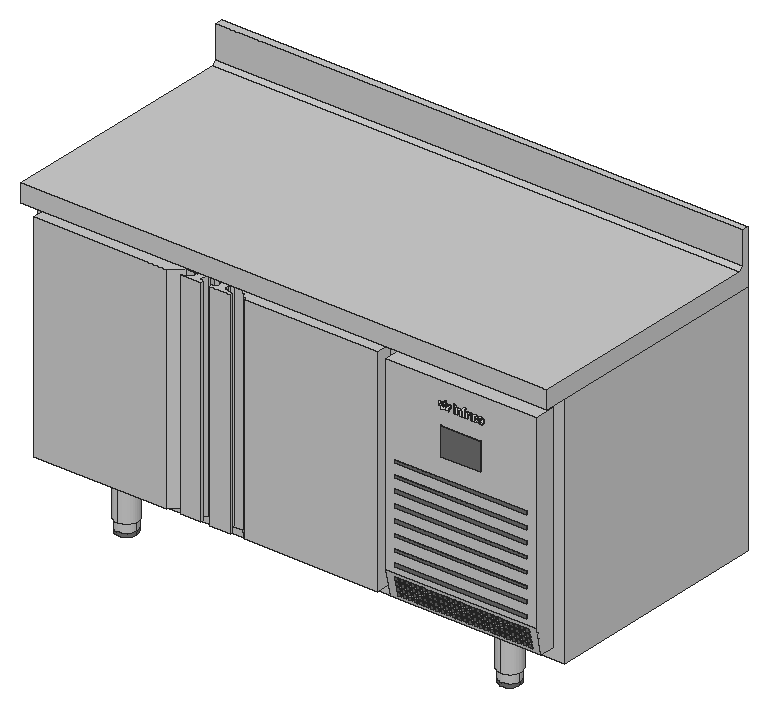
Revit family "QF_INFRICO_BMGN1470II_250808103032", category Specialty Equipment, Revit 2021 (continued)
Definition of nested family "QF_INFRICO_LEGS_7240"
  Forms (mm)
    Extrusion 10, solid
      sketch origin (1560, 0, 0) x (1, 0, 0) y (0, 1, 0)
        loop
          circle (424.986, -618) r 28
      from 9 to 35
    Extrusion 11, solid
      sketch origin (1560, 0, 0) x (1, 0, 0) y (0, 1, 0)
        loop
          circle (424.986, -618) r 28.5
      from 0 to 9
    Sweep 12, solid
      path origin (2185, 0, 0) x (0, -1, 0) y (0, 0, 1)
        loop
          line (618, 35) -> (618, 137)
      profile origin (2185, -618, 86) x (0, 1, 0) y (-1, 0, 0)
        loop
          circle (0, 199.986) r 32
    Extrusion 13, solid
      sketch origin (1560, 500, 140) x (0, 1, 0) y (-1, 0, 0)
        loop
          line (-530, -379.986) -> (-630, -379.986) -> (-630, -469.986) -> (-530, -469.986) -> (-530, -379.986)
      from 0 to -3
    Extrusion 14, solid
      sketch origin (1560, 500, 0) x (1, 0, 0) y (0, 1, 0)
        loop
          circle (424.986, -580) r 28
      from 9 to 35
    Extrusion 15, solid
      sketch origin (1560, 500, 0) x (1, 0, 0) y (0, 1, 0)
        loop
          circle (424.986, -580) r 28.5
      from 0 to 9
    Sweep 16, solid
      path origin (2185, 0, 0) x (0, -1, 0) y (0, 0, 1)
        loop
          line (80, 35) -> (80, 137)
      profile origin (2185, -80, 86) x (0, 1, 0) y (-1, 0, 0)
        loop
          circle (0, 199.986) r 32
    Extrusion 17, solid, visible <- "CentralLegs"
      sketch origin (534.014, 0, 140) x (0, 1, 0) y (-1, 0, 0)
        loop
          line (-568, -513.486) -> (-668, -513.486) -> (-668, -603.486) -> (-568, -603.486) -> (-568, -513.486)
      from 0 to -3
    Extrusion 18, solid, visible <- "CentralLegs"
      sketch origin (534.014, 0, 0) x (1, 0, 0) y (0, 1, 0)
        loop
          circle (558.486, -618) r 28
      from 9 to 35
    Extrusion 19, solid, visible <- "CentralLegs"
      sketch origin (534.014, 0, 0) x (1, 0, 0) y (0, 1, 0)
        loop
          circle (558.486, -618) r 28.5
      from 0 to 9
    Sweep 20, solid, visible <- "CentralLegs"
      path origin (1092.5, 0, 0) x (0, -1, 0) y (0, 0, 1)
        loop
          line (618, 35) -> (618, 137)
      profile origin (1092.5, -618, 86) x (0, 1, 0) y (-1, 0, 0)
        loop
          circle (0, -0.014) r 32
    Extrusion 21, solid, visible <- "CentralLegs"
      sketch origin (534.014, 500, 140) x (0, 1, 0) y (-1, 0, 0)
        loop
          line (-530, -513.486) -> (-630, -513.486) -> (-630, -603.486) -> (-530, -603.486) -> (-530, -513.486)
      from 0 to -3
    Extrusion 22, solid, visible <- "CentralLegs"
      sketch origin (534.014, 500, 0) x (1, 0, 0) y (0, 1, 0)
        loop
          circle (558.486, -580) r 28
      from 9 to 35
    Extrusion 23, solid, visible <- "CentralLegs"
      sketch origin (534.014, 500, 0) x (1, 0, 0) y (0, 1, 0)
        loop
          circle (558.486, -580) r 28.5
      from 0 to 9
    Sweep 24, solid, visible <- "CentralLegs"
      path origin (1092.5, 0, 0) x (0, -1, 0) y (0, 0, 1)
        loop
          line (80, 35) -> (80, 137)
      profile origin (1092.5, -80, 86) x (0, 1, 0) y (-1, 0, 0)
        loop
          circle (0, -0.014) r 32
  Dimensions and locks
    "Length": plane 3 "Left" to plane 4 "Right"
    "Depth": plane 1 "Back" to plane 5 "Front"
    "Height": plane 6 "Top" to plane 2
    equal spacing: plane 3 "Left", plane 7 "Central", plane 4 "Right"
    locked: Sweep 20 sketch curve to profile plane at 0.014
    locked: Sweep 24 sketch curve to profile plane at 0.014
    aligned and locked: level to plane 2
  Automatic sketch dimensions
    plane 5 "Front" to Extrusion 1 sketch curve = 70 mm
    Extrusion 1 sketch curve to Extrusion 1 sketch curve = 100 mm
    plane 3 "Left" to Extrusion 1 sketch curve = 244.986 mm
    Extrusion 1 sketch curve to Extrusion 1 sketch curve = 90 mm
    plane 3 "Left" to Extrusion 2 sketch curve = 199.986 mm
    plane 5 "Front" to Extrusion 2 sketch curve = 120 mm
    plane 3 "Left" to Extrusion 3 sketch curve = 199.986 mm
    plane 5 "Front" to Extrusion 3 sketch curve = 120 mm
    Sweep 4 sketch curve to plane 6 "Top" = 3 mm
    plane 5 "Front" to Sweep 4 sketch curve = 120 mm
    level to Sweep 4 sketch curve = 35 mm
    Sweep 4 sketch curve to profile plane = 0 mm
    plane 3 "Left" to Sweep 4 sketch curve = 199.986 mm
    plane 1 "Back" to Extrusion 5 sketch curve = 130 mm
    plane 1 "Back" to Extrusion 5 sketch curve = 30 mm
    plane 3 "Left" to Extrusion 5 sketch curve = 244.986 mm
    Extrusion 5 sketch curve to Extrusion 5 sketch curve = 90 mm
    plane 1 "Back" to Extrusion 6 sketch curve = 80 mm
    plane 3 "Left" to Extrusion 6 sketch curve = 199.986 mm
    plane 1 "Back" to Extrusion 7 sketch curve = 80 mm
    plane 3 "Left" to Extrusion 7 sketch curve = 199.986 mm
    Sweep 8 sketch curve to plane 6 "Top" = 3 mm
    plane 1 "Back" to Sweep 8 sketch curve = 80 mm
    level to Sweep 8 sketch curve = 35 mm
    Sweep 8 sketch curve to profile plane = 0 mm
    plane 3 "Left" to Sweep 8 sketch curve = 199.986 mm
    plane 5 "Front" to Extrusion 9 sketch curve = 70 mm
    Extrusion 9 sketch curve to Extrusion 9 sketch curve = 100 mm
    plane 4 "Right" to Extrusion 9 sketch curve = 155.014 mm
    Extrusion 9 sketch curve to Extrusion 9 sketch curve = 90 mm
    plane 4 "Right" to Extrusion 10 sketch curve = 200.014 mm
    plane 5 "Front" to Extrusion 10 sketch curve = 120 mm
    plane 4 "Right" to Extrusion 11 sketch curve = 200.014 mm
    plane 5 "Front" to Extrusion 11 sketch curve = 120 mm
    Sweep 12 sketch curve to profile plane = 0 mm
    profile plane to Sweep 12 sketch curve = 199.986 mm
    plane 1 "Back" to Extrusion 13 sketch curve = 130 mm
    plane 1 "Back" to Extrusion 13 sketch curve = 30 mm
    plane 4 "Right" to Extrusion 13 sketch curve = 155.014 mm
    Extrusion 13 sketch curve to Extrusion 13 sketch curve = 90 mm
    plane 1 "Back" to Extrusion 14 sketch curve = 80 mm
    plane 4 "Right" to Extrusion 14 sketch curve = 200.014 mm
    plane 1 "Back" to Extrusion 15 sketch curve = 80 mm
    plane 4 "Right" to Extrusion 15 sketch curve = 200.014 mm
    Sweep 16 sketch curve to profile plane = 0 mm
    profile plane to Sweep 16 sketch curve = 199.986 mm
    plane 5 "Front" to Extrusion 17 sketch curve = 70 mm
    Extrusion 17 sketch curve to plane 7 "Central" = 45 mm
    Extrusion 17 sketch curve to Extrusion 17 sketch curve = 100 mm
    plane 7 "Central" to Extrusion 17 sketch curve = 45 mm
    Extrusion 18 sketch curve to plane 7 "Central" = 0 mm
    plane 5 "Front" to Extrusion 18 sketch curve = 120 mm
    Extrusion 19 sketch curve to plane 7 "Central" = 0 mm
    plane 5 "Front" to Extrusion 19 sketch curve = 120 mm
    Sweep 20 sketch curve to profile plane = 0 mm
    plane 7 "Central" to Extrusion 21 sketch curve = 45 mm
    plane 1 "Back" to Extrusion 21 sketch curve = 130 mm
    plane 1 "Back" to Extrusion 21 sketch curve = 30 mm
    Extrusion 21 sketch curve to plane 7 "Central" = 45 mm
    Extrusion 22 sketch curve to plane 7 "Central" = 0 mm
    plane 1 "Back" to Extrusion 22 sketch curve = 80 mm
    Extrusion 23 sketch curve to plane 7 "Central" = 0 mm
    plane 1 "Back" to Extrusion 23 sketch curve = 80 mm
    Sweep 24 sketch curve to profile plane = 0 mm
    Sweep 16 sketch curve to plane 6 "Top" = 3 mm
    plane 1 "Back" to Sweep 16 sketch curve = 80 mm
    level to Sweep 16 sketch curve = 35 mm
    Sweep 12 sketch curve to plane 6 "Top" = 3 mm
    plane 5 "Front" to Sweep 12 sketch curve = 120 mm
    level to Sweep 12 sketch curve = 35 mm
    Sweep 20 sketch curve to plane 6 "Top" = 3 mm
    plane 5 "Front" to Sweep 20 sketch curve = 120 mm
    level to Sweep 20 sketch curve = 35 mm
    Sweep 24 sketch curve to plane 6 "Top" = 3 mm
    plane 1 "Back" to Sweep 24 sketch curve = 80 mm
    level to Sweep 24 sketch curve = 35 mm
    radius of Extrusion 2 sketch curve = 28 mm
    radius of Extrusion 3 sketch curve = 28.5 mm
    radius of Sweep 4 sketch curve = 32 mm
    radius of Extrusion 6 sketch curve = 28 mm
    radius of Extrusion 7 sketch curve = 28.5 mm
    radius of Sweep 8 sketch curve = 32 mm
    radius of Extrusion 10 sketch curve = 28 mm
    radius of Extrusion 11 sketch curve = 28.5 mm
    radius of Sweep 12 sketch curve = 32 mm
    radius of Extrusion 14 sketch curve = 28 mm
    radius of Extrusion 15 sketch curve = 28.5 mm
    radius of Sweep 16 sketch curve = 32 mm
    radius of Extrusion 18 sketch curve = 28 mm
    radius of Extrusion 19 sketch curve = 28.5 mm
    radius of Sweep 20 sketch curve = 32 mm
    radius of Extrusion 22 sketch curve = 28 mm
    radius of Extrusion 23 sketch curve = 28.5 mm
    radius of Sweep 24 sketch curve = 32 mm
Definition of nested family "CONN_POINT_DRAIN_2D___Generic_Annotation"
  Parameters (values of type "CONN_POINT_DRAIN_2D___Generic_Annotation")
    Onboard connection annotation symbol visibility [instance] = yes
  Reference planes
    plane 1: y = 0
    plane 2: x = 0
  Lines and regions (mm)
    detail lines, visible <- "Onboard connection annotation symbol visibility"
      curve 1: circle (0, 0, 0) r 0.5 normal (0, 0, 1)
      curve 2: line (-1, 0, 0) -> (1, 0, 0)
      curve 3: line (0, 1, 0) -> (0, -1, 0)
      curve 4: line (1.776, 1, 0) -> (1.25, 1, 0)
      curve 5: line (1.25, 1, 0) -> (1.25, -1, 0)
      curve 6: line (1.25, -1, 0) -> (1.776, -1, 0)
      curve 7: arc (2.206, -0.862, 0) -> (2.459, -0.589, 0) -> (2.583, -0.238, 0) r 0.918
      curve 8: arc (2.583, 0.238, 0) -> (2.459, 0.589, 0) -> (2.206, 0.862, 0) r 0.918
      curve 9: arc (2.583, -0.238, 0) -> (2.599, 0, 0) -> (2.583, 0.238, 0) r 1.77
      curve 10: arc (2.206, 0.862, 0) -> (2.002, 0.965, 0) -> (1.776, 1, 0) r 0.741
      curve 11: arc (1.776, -1, 0) -> (2.002, -0.965, 0) -> (2.206, -0.862, 0) r 0.741
Definition of nested family "CONN_POINT_ELE_2D___Generic_Annotation"
  Parameters (values of type "CONN_POINT_ELE_2D___Generic_Annotation")
    Onboard connection annotation symbol visibility [instance] = yes
  Reference planes
    plane 1: y = 0
    plane 2: x = 0
  Lines and regions (mm)
    detail lines, visible <- "Onboard connection annotation symbol visibility"
      curve 1: circle (0, 0, 0) r 0.5 normal (0, 0, 1)
      curve 2: line (-1, 0, 0) -> (1, 0, 0)
      curve 3: line (0, 1, 0) -> (0, -1, 0)
      curve 4: line (2.5, 1, 0) -> (1.25, 1, 0)
      curve 5: line (1.25, 1, 0) -> (1.25, -1, 0)
      curve 6: line (1.25, -1, 0) -> (2.5, -1, 0)
      curve 7: line (1.25, 0, 0) -> (2, 0, 0)
